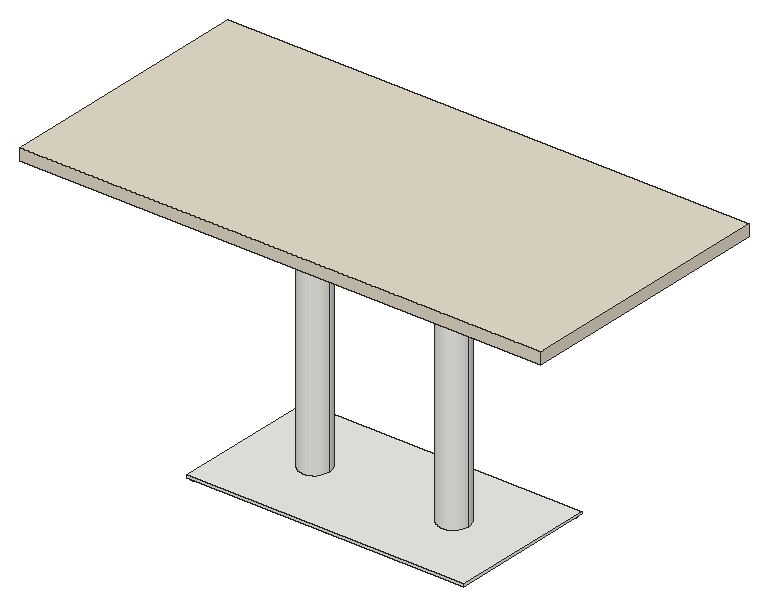
Revit family "FU_Table_Sandler_591T-MT", category Furniture, Revit 2020
Family settings
  OmniClass Number = 23.40.20.00
  OmniClass Title = General Furniture and Specialties
  Work Plane-Based = No
  Always vertical = Yes
  Cut with Voids When Loaded = No
  Shared = No
  Room Calculation Point = No
Parameters (values of type "591T-MT - 28x55" Top")
  Width = 747 mm
  URL = "https://www.sandlerseating.com/product/591t-mt/"
  Top Type = FU_TableTops_591 MT : 28x55" Top (70x140cm)
  Top Finish [instance] = Wood - Beech - Grey Stained
  Top Elevation = Height  # 720 mm
  Model = "591T-MT"
  Manufacturer = "Sandler"
  Height = 720 mm
  Frame Finish [instance] = Metal - Paint -AL VR - Pure White
  Description = "Table base. Available in powdercoat and painted finishes.\r\nOptional upcharge for outdoor version with galvanized-treated frame and adjustable feet."
  Depth = 397 mm
  Default Elevation = 0 mm
Types (6, lengths in mm): name | Top Type | Top Finish | Frame Finish
  591T-MT - 28x48" Top | FU_TableTops_591 MT : 28x48" Top (70x120cm) | Wood - Beech - Honey Stained | Metal - Paint -AL VR - White Aluminium
  591T-MT - 28x52" Top | FU_TableTops_591 MT : 28x52" Top (70x130cm) | Wood - Beech - Grey Stained | Metal - Paint -AL VR - Pure White
  591T-MT - 32x48" Top | FU_TableTops_591 MT : 32x48" Top (80x120cm) | Wood - Beech - Dark Brown Stained | Metal - Paint - VR Pewter
  591T-MT - 32x52" Top | FU_TableTops_591 MT : 32x52" Top (80x130cm) | Wood - Beech - Chestnut Stained | Metal - Paint -AL VR - Anthracite Grey
  591T-MT - 32x55" Top | FU_TableTops_591 MT : 32x55" Top (80x140cm) | Wood - Beech - Honey Stained | Metal - Paint - AL VR - Ruby Red
  591T-MT - 28x55" Top | FU_TableTops_591 MT : 28x55" Top (70x140cm) | Wood - Beech - Grey Stained | Metal - Paint -AL VR - Pure White
Reference planes
  plane 1 "Center (Front/Back)": y = 0
  plane 2: z = 0
  plane 3 "Center (Left/Right)": x = 0
  plane 4 "Right": x = -373.5
  plane 5 "Left": x = 373.5
  plane 6 "Back": y = 198.5
  plane 7 "Front": y = -198.5
  plane 8 "Height": z = 720
  plane 9 "Glide height": z = 4
  plane 10 "LG H": y = 185.83
  plane 11: x = -187.5
  plane 12: x = 187.5
  plane 13: z = 700
Forms (mm)
  Extrusion 1, solid, material "Metal - Paint -AL VR - Pure White" <- "Frame Finish"
    sketch origin (0, 0, 4) x (-1, 0, 0) y (0, -1, 0)
      loop
        line (373.5, -198.5) -> (373.5, 198.5) -> (-373.5, 198.5) -> (-373.5, -198.5) -> (373.5, -198.5)
    from 0 to 6
  Revolve 2, solid, material "Rubber, Black"
    sketch origin (0, 185.83, 0) x (-1, 0, 0) y (0, 0, 1)
      loop
        line (370.83, 4) -> (360.83, 4) -> (360.83, 0) -> (368.83, 0)
        arc (368.83, 0) -> (370.244, 0.586) -> (370.83, 2) r 2
        line (370.83, 2) -> (370.83, 4)
      axis (360.83, 4) -> (360.83, 0)
    angle from 0 to 360
  Revolve 3, solid, material "Rubber, Black"
    sketch origin (0, 185.83, 0) x (1, 0, 0) y (0, 0, 1)
      loop
        line (370.83, 4) -> (360.83, 4) -> (360.83, 0) -> (368.83, 0)
        arc (368.83, 0) -> (370.244, 0.586) -> (370.83, 2) r 2
        line (370.83, 2) -> (370.83, 4)
      axis (360.83, 4) -> (360.83, 0)
    angle from 0 to 360
  Revolve 4, solid, material "Rubber, Black"
    sketch origin (0, -185.83, 0) x (-1, 0, 0) y (0, 0, -1)
      loop
        line (370.83, -4) -> (370.83, -2)
        arc (370.83, -2) -> (370.244, -0.586) -> (368.83, 0) r 2
        line (368.83, 0) -> (360.83, 0) -> (360.83, -4) -> (370.83, -4)
      axis (360.83, -4) -> (360.83, 0)
    angle from 0 to 360
  Revolve 5, solid, material "Rubber, Black"
    sketch origin (0, -185.83, 0) x (1, 0, 0) y (0, 0, 1)
      loop
        line (370.83, 4) -> (360.83, 4) -> (360.83, 0) -> (368.83, 0)
        arc (368.83, 0) -> (370.244, 0.586) -> (370.83, 2) r 2
        line (370.83, 2) -> (370.83, 4)
      axis (360.83, 4) -> (360.83, 0)
    angle from 0 to 360
  Revolve 6, solid, material "Rubber, Black"
    sketch origin (-360.83, 185.83, 0) x (1, 0, 0) y (0, 0, 1)
      loop
        line (370.83, 4) -> (360.83, 4) -> (360.83, 0) -> (368.83, 0)
        arc (368.83, 0) -> (370.244, 0.586) -> (370.83, 2) r 2
        line (370.83, 2) -> (370.83, 4)
      axis (360.83, 4) -> (360.83, 0)
    angle from 0 to 360
  Revolve 7, solid, material "Rubber, Black"
    sketch origin (-360.83, -185.83, 0) x (1, 0, 0) y (0, 0, 1)
      loop
        line (370.83, 4) -> (360.83, 4) -> (360.83, 0) -> (368.83, 0)
        arc (368.83, 0) -> (370.244, 0.586) -> (370.83, 2) r 2
        line (370.83, 2) -> (370.83, 4)
      axis (360.83, 4) -> (360.83, 0)
    angle from 0 to 360
  Extrusion 8, solid, material "Metal - Paint -AL VR - Pure White" <- "Frame Finish"
    sketch origin (0, 0, 4) x (-1, 0, 0) y (0, -1, 0)
      loop
        circle (187.5, 0) r 40
      loop
        circle (187.5, 0) r 38
    from 6 to 696
  Extrusion 9, solid, material "Metal - Paint -AL VR - Pure White" <- "Frame Finish"
    sketch origin (0, 0, 4) x (1, 0, 0) y (0, 1, 0)
      loop
        circle (187.5, 0) r 40
      loop
        circle (187.5, 0) r 38
    from 6 to 696
  Extrusion 10, solid, material "Metal - Paint -AL VR - Pure White" <- "Frame Finish"
    sketch origin (0, 0, 720) x (-1, 0, 0) y (0, -1, 0)
      loop
        line (235.5, 44.024) -> (307.236, 115.76)
        arc (307.236, 115.76) -> (304.418, 118.6) -> (301.532, 121.37) r 166.741
        line (301.532, 121.37) -> (227.879, 47.718) -> (147.12, 47.718) -> (73.468, 121.37)
        arc (73.468, 121.37) -> (70.582, 118.6) -> (67.764, 115.76) r 166.741
        line (67.764, 115.76) -> (139.5, 44.024) -> (139.5, -44.024) -> (67.486, -116.038)
        arc (67.486, -116.038) -> (70.298, -118.884) -> (73.177, -121.661) r 166.741
        line (73.177, -121.661) -> (146.556, -48.282) -> (228.444, -48.282) -> (301.823, -121.661)
        arc (301.823, -121.661) -> (304.702, -118.884) -> (307.514, -116.038) r 166.741
        line (307.514, -116.038) -> (235.5, -44.024) -> (235.5, 44.024)
    from -5.84 to -20
  Extrusion 11, solid, material "Metal - Paint -AL VR - Pure White" <- "Frame Finish"
    sketch origin (0, 0, 720) x (-1, 0, 0) y (0, -1, 0)
      loop
        arc (235.5, 9.198) -> (237.694, 20.46) -> (243.955, 30.074) r 30
        line (243.955, 30.074) -> (342.527, 131.809)
        arc (342.527, 131.809) -> (344.782, 137.439) -> (342.439, 143.033) r 8
        line (342.439, 143.033) -> (329.622, 155.85)
        arc (329.622, 155.85) -> (323.965, 158.193) -> (318.308, 155.85) r 8
        line (318.308, 155.85) -> (219.527, 57.069)
        arc (219.527, 57.069) -> (209.794, 50.566) -> (198.314, 48.282) r 30
        line (198.314, 48.282) -> (176.686, 48.282)
        arc (176.686, 48.282) -> (165.206, 50.566) -> (155.473, 57.069) r 30
        line (155.473, 57.069) -> (56.692, 155.85)
        arc (56.692, 155.85) -> (51.035, 158.193) -> (45.378, 155.85) r 8
        line (45.378, 155.85) -> (32.561, 143.033)
        arc (32.561, 143.033) -> (30.218, 137.439) -> (32.473, 131.809) r 8
        line (32.473, 131.809) -> (131.045, 30.074)
        arc (131.045, 30.074) -> (137.306, 20.46) -> (139.5, 9.198) r 30
        line (139.5, 9.198) -> (139.5, -9.198)
        arc (139.5, -9.198) -> (137.306, -20.46) -> (131.045, -30.074) r 30
        line (131.045, -30.074) -> (32.473, -131.809)
        arc (32.473, -131.809) -> (30.218, -137.439) -> (32.561, -143.033) r 8
        line (32.561, -143.033) -> (45.378, -155.85)
        arc (45.378, -155.85) -> (51.035, -158.193) -> (56.692, -155.85) r 8
        line (56.692, -155.85) -> (155.473, -57.069)
        arc (155.473, -57.069) -> (165.206, -50.566) -> (176.686, -48.282) r 30
        line (176.686, -48.282) -> (198.314, -48.282)
        arc (198.314, -48.282) -> (209.794, -50.566) -> (219.527, -57.069) r 30
        line (219.527, -57.069) -> (318.308, -155.85)
        arc (318.308, -155.85) -> (323.965, -158.193) -> (329.622, -155.85) r 8
        line (329.622, -155.85) -> (342.439, -143.033)
        arc (342.439, -143.033) -> (344.782, -137.439) -> (342.527, -131.809) r 8
        line (342.527, -131.809) -> (243.955, -30.074)
        arc (243.955, -30.074) -> (237.694, -20.46) -> (235.5, -9.198) r 30
        line (235.5, -9.198) -> (235.5, 9.198)
      loop
        line (53.101, -141.055) -> (62.998, -131.158)
        arc (62.998, -131.158) -> (62.998, -125.502) -> (57.342, -125.502) r 3.999
        line (57.342, -125.502) -> (47.445, -135.399)
        arc (47.445, -135.399) -> (47.5, -141.001) -> (53.101, -141.055) r 4
      loop
        arc (321.899, -141.055) -> (327.5, -141.001) -> (327.555, -135.399) r 4
        line (327.555, -135.399) -> (317.658, -125.502)
        arc (317.658, -125.502) -> (312.002, -125.502) -> (312.002, -131.158) r 3.999
        line (312.002, -131.158) -> (321.899, -141.055)
      loop
        arc (53.101, 141.055) -> (47.5, 141.001) -> (47.445, 135.399) r 4
        line (47.445, 135.399) -> (57.342, 125.502)
        arc (57.342, 125.502) -> (62.998, 125.502) -> (62.998, 131.158) r 3.999
        line (62.998, 131.158) -> (53.101, 141.055)
      loop
        line (321.899, 141.055) -> (312.002, 131.158)
        arc (312.002, 131.158) -> (312.002, 125.502) -> (317.658, 125.502) r 3.999
        line (317.658, 125.502) -> (327.555, 135.399)
        arc (327.555, 135.399) -> (327.5, 141.001) -> (321.899, 141.055) r 4
      loop
        circle (187.5, 0) r 7.5
    from -9.84 to 0
  Extrusion 12, solid, material "Metal - Paint -AL VR - Pure White" <- "Frame Finish"
    sketch origin (0, 0, 720) x (1, 0, 0) y (0, 1, 0)
      loop
        line (235.5, -44.024) -> (235.5, 44.024) -> (307.514, 116.038)
        arc (307.514, 116.038) -> (304.702, 118.884) -> (301.823, 121.661) r 166.741
        line (301.823, 121.661) -> (228.444, 48.282) -> (146.556, 48.282) -> (73.177, 121.661)
        arc (73.177, 121.661) -> (70.298, 118.884) -> (67.486, 116.038) r 166.741
        line (67.486, 116.038) -> (139.5, 44.024) -> (139.5, -44.024) -> (67.764, -115.76)
        arc (67.764, -115.76) -> (70.582, -118.6) -> (73.468, -121.37) r 166.741
        line (73.468, -121.37) -> (147.12, -47.718) -> (227.879, -47.718) -> (301.532, -121.37)
        arc (301.532, -121.37) -> (304.418, -118.6) -> (307.236, -115.76) r 166.741
        line (307.236, -115.76) -> (235.5, -44.024)
    from -5.84 to -20
  Extrusion 13, solid, material "Metal - Paint -AL VR - Pure White" <- "Frame Finish"
    sketch origin (0, 0, 720) x (1, 0, 0) y (0, 1, 0)
      loop
        line (235.5, -9.198) -> (235.5, 9.198)
        arc (235.5, 9.198) -> (237.694, 20.46) -> (243.955, 30.074) r 30
        line (243.955, 30.074) -> (342.527, 131.809)
        arc (342.527, 131.809) -> (344.782, 137.439) -> (342.439, 143.033) r 8
        line (342.439, 143.033) -> (329.622, 155.85)
        arc (329.622, 155.85) -> (323.965, 158.193) -> (318.308, 155.85) r 8
        line (318.308, 155.85) -> (219.527, 57.069)
        arc (219.527, 57.069) -> (209.794, 50.566) -> (198.314, 48.282) r 30
        line (198.314, 48.282) -> (176.686, 48.282)
        arc (176.686, 48.282) -> (165.206, 50.566) -> (155.473, 57.069) r 30
        line (155.473, 57.069) -> (56.692, 155.85)
        arc (56.692, 155.85) -> (51.035, 158.193) -> (45.378, 155.85) r 8
        line (45.378, 155.85) -> (32.561, 143.033)
        arc (32.561, 143.033) -> (30.218, 137.439) -> (32.473, 131.809) r 8
        line (32.473, 131.809) -> (131.045, 30.074)
        arc (131.045, 30.074) -> (137.306, 20.46) -> (139.5, 9.198) r 30
        line (139.5, 9.198) -> (139.5, -9.198)
        arc (139.5, -9.198) -> (137.306, -20.46) -> (131.045, -30.074) r 30
        line (131.045, -30.074) -> (32.473, -131.809)
        arc (32.473, -131.809) -> (30.218, -137.439) -> (32.561, -143.033) r 8
        line (32.561, -143.033) -> (45.378, -155.85)
        arc (45.378, -155.85) -> (51.035, -158.193) -> (56.692, -155.85) r 8
        line (56.692, -155.85) -> (155.473, -57.069)
        arc (155.473, -57.069) -> (165.206, -50.566) -> (176.686, -48.282) r 30
        line (176.686, -48.282) -> (198.314, -48.282)
        arc (198.314, -48.282) -> (209.794, -50.566) -> (219.527, -57.069) r 30
        line (219.527, -57.069) -> (318.308, -155.85)
        arc (318.308, -155.85) -> (323.965, -158.193) -> (329.622, -155.85) r 8
        line (329.622, -155.85) -> (342.439, -143.033)
        arc (342.439, -143.033) -> (344.782, -137.439) -> (342.527, -131.809) r 8
        line (342.527, -131.809) -> (243.955, -30.074)
        arc (243.955, -30.074) -> (237.694, -20.46) -> (235.5, -9.198) r 30
      loop
        arc (53.101, 141.055) -> (47.5, 141.001) -> (47.445, 135.399) r 4
        line (47.445, 135.399) -> (57.342, 125.502)
        arc (57.342, 125.502) -> (62.998, 125.502) -> (62.998, 131.158) r 3.999
        line (62.998, 131.158) -> (53.101, 141.055)
      loop
        line (321.899, 141.055) -> (312.002, 131.158)
        arc (312.002, 131.158) -> (312.002, 125.502) -> (317.658, 125.502) r 3.999
        line (317.658, 125.502) -> (327.555, 135.399)
        arc (327.555, 135.399) -> (327.5, 141.001) -> (321.899, 141.055) r 4
      loop
        line (53.101, -141.055) -> (62.998, -131.158)
        arc (62.998, -131.158) -> (62.998, -125.502) -> (57.342, -125.502) r 3.999
        line (57.342, -125.502) -> (47.445, -135.399)
        arc (47.445, -135.399) -> (47.5, -141.001) -> (53.101, -141.055) r 4
      loop
        arc (321.899, -141.055) -> (327.5, -141.001) -> (327.555, -135.399) r 4
        line (327.555, -135.399) -> (317.658, -125.502)
        arc (317.658, -125.502) -> (312.002, -125.502) -> (312.002, -131.158) r 3.999
        line (312.002, -131.158) -> (321.899, -141.055)
      loop
        circle (187.5, 0) r 7.5
    from -9.84 to 0
Cuts and joins
  joined: Extrusion 1, Extrusion 8, Extrusion 9, Extrusion 10, Extrusion 11, Extrusion 12, Extrusion 13
Dimensions and locks
  equal spacing: plane 4 "Right", plane 3 "Center (Left/Right)", plane 5 "Left"
  "Width": plane 4 "Right" to plane 5 "Left"
  equal spacing: plane 6 "Back", plane 1 "Center (Front/Back)", plane 7 "Front"
  "Depth": plane 6 "Back" to plane 7 "Front"
  "Height": plane 8 "Height" to level
  plane 9 "Glide height" to level = 4 mm
  locked: plane 8 "Height" to plane 13 at 20
  aligned and locked: level to plane 2
  aligned and locked: plane 13 to cut or joined group of Extrusion 1, Extrusion 8, Extrusion 9, Extrusion 10, Extrusion 11, Extrusion 12, Extrusion 13  (x2)
Automatic sketch dimensions
  Extrusion 1 sketch curve to plane 5 "Left" = 0 mm
  Extrusion 1 sketch curve to plane 4 "Right" = 0 mm
  Extrusion 1 sketch curve to plane 6 "Back" = 0 mm
  Extrusion 1 sketch curve to plane 7 "Front" = 0 mm
  Revolve 2 sketch curve to plane 9 "Glide height" = 0 mm  (x2)
  Revolve 2 sketch curve to level = 0 mm
  level to Revolve 2 sketch curve = 2 mm
  Revolve 2 sketch curve to plane 4 "Right" = 4.67 mm
  Revolve 2 sketch curve to level = 1.303 mm
  Revolve 3 sketch curve to plane 9 "Glide height" = 0 mm  (x2)
  Revolve 3 sketch curve to level = 0 mm
  Revolve 3 sketch curve to plane 5 "Left" = 12.67 mm
  Revolve 3 sketch curve to level = 2 mm
  Revolve 3 sketch curve to plane 5 "Left" = 4.67 mm
  Revolve 3 sketch curve to Revolve 3 sketch curve = 0 mm
  Revolve 3 sketch curve to Revolve 3 sketch curve = 1.303 mm
  Revolve 4 sketch curve to plane 9 "Glide height" = 0 mm  (x2)
  Revolve 4 sketch curve to level = 0 mm
  level to Revolve 4 sketch curve = 2 mm
  Revolve 4 sketch curve to plane 4 "Right" = 4.67 mm
  Revolve 4 sketch curve to level = 1.303 mm
  Revolve 5 sketch curve to plane 9 "Glide height" = 0 mm  (x2)
  Revolve 5 sketch curve to level = 0 mm
  plane 5 "Left" to Revolve 5 sketch curve = 12.67 mm
  level to Revolve 5 sketch curve = 2 mm
  plane 5 "Left" to Revolve 5 sketch curve = 4.67 mm
  Revolve 5 sketch curve to Revolve 5 sketch curve = 0 mm
  Revolve 5 sketch curve to Revolve 5 sketch curve = 1.303 mm
  Revolve 6 sketch curve to plane 9 "Glide height" = 0 mm  (x2)
  Revolve 6 sketch curve to level = 0 mm
  plane 3 "Center (Left/Right)" to Revolve 6 sketch curve = 0 mm
  Revolve 6 sketch curve to level = 2 mm
  Revolve 6 sketch curve to plane 3 "Center (Left/Right)" = 8 mm
  Revolve 6 sketch curve to Revolve 6 sketch curve = 0 mm
  Revolve 6 sketch curve to Revolve 6 sketch curve = 1.303 mm
  Revolve 7 sketch curve to plane 9 "Glide height" = 0 mm  (x2)
  Revolve 7 sketch curve to level = 0 mm
  Revolve 7 sketch curve to plane 3 "Center (Left/Right)" = 0 mm
  level to Revolve 7 sketch curve = 2 mm
  plane 3 "Center (Left/Right)" to Revolve 7 sketch curve = 8 mm
  Revolve 7 sketch curve to Revolve 7 sketch curve = 0 mm
  Revolve 7 sketch curve to Revolve 7 sketch curve = 1.303 mm
  Extrusion 10 sketch curve to Extrusion 10 sketch curve = 0 mm  (x12)
  Extrusion 10 sketch curve to plane 11 = 0 mm
  Extrusion 10 sketch curve to plane 11 = 40.38 mm
  Extrusion 10 sketch curve to plane 11 = 40.944 mm
  Extrusion 10 sketch curve to Extrusion 10 sketch curve = 7.056 mm  (x2)
  Extrusion 10 sketch curve to plane 3 "Center (Left/Right)" = 73.468 mm
  Extrusion 10 sketch curve to plane 3 "Center (Left/Right)" = 73.177 mm
  Extrusion 10 sketch curve to Extrusion 10 sketch curve = 5.704 mm  (x2)
  Extrusion 10 sketch curve to Extrusion 10 sketch curve = 5.691 mm  (x2)
  plane 11 to Extrusion 10 sketch curve = 40.38 mm
  plane 11 to Extrusion 10 sketch curve = 40.944 mm
  Extrusion 10 sketch curve to plane 10 "LG H" = 64.169 mm  (x2)
  Extrusion 10 sketch curve to Extrusion 10 sketch curve = 5.623 mm
  Extrusion 10 sketch curve to plane 1 "Center (Front/Back)" = 48.282 mm
  Extrusion 10 sketch curve to Extrusion 10 sketch curve = 4.258 mm  (x2)
  plane 1 "Center (Front/Back)" to Extrusion 10 sketch curve = 44.024 mm  (x2)
  Extrusion 10 sketch curve to Extrusion 10 sketch curve = 3.693 mm
  plane 7 "Front" to Extrusion 10 sketch curve = 82.74 mm  (x2)
  plane 1 "Center (Front/Back)" to Extrusion 11 sketch curve = 0 mm
  Extrusion 11 sketch curve to plane 11 = 0 mm
  Extrusion 11 sketch curve to plane 11 = 10.814 mm  (x2)
  Extrusion 11 sketch curve to Extrusion 11 sketch curve = 21.213 mm  (x5)
  plane 1 "Center (Front/Back)" to Extrusion 11 sketch curve = 9.198 mm  (x2)
  Extrusion 11 sketch curve to plane 11 = 48 mm
  Extrusion 11 sketch curve to plane 1 "Center (Front/Back)" = 30.074 mm  (x2)
  Extrusion 11 sketch curve to Extrusion 11 sketch curve = 8.455 mm  (x4)
  plane 1 "Center (Front/Back)" to Extrusion 11 sketch curve = 30.074 mm  (x2)
  Extrusion 11 sketch curve to plane 1 "Center (Front/Back)" = 9.198 mm  (x2)
  Extrusion 11 sketch curve to plane 3 "Center (Left/Right)" = 62.998 mm  (x2)
  Extrusion 11 sketch curve to Extrusion 11 sketch curve = 2.828 mm  (x12)
  Extrusion 11 sketch curve to Extrusion 11 sketch curve = 6.306 mm  (x4)
  Extrusion 11 sketch curve to Extrusion 11 sketch curve = 9.897 mm  (x8)
  Extrusion 11 sketch curve to Extrusion 11 sketch curve = 5.657 mm  (x18)
  Extrusion 11 sketch curve to Extrusion 11 sketch curve = 2.773 mm  (x6)
  Extrusion 11 sketch curve to Extrusion 11 sketch curve = 2.883 mm  (x6)
  Extrusion 11 sketch curve to plane 10 "LG H" = 29.98 mm  (x2)
  Extrusion 11 sketch curve to Extrusion 11 sketch curve = 9.227 mm  (x4)
  Extrusion 11 sketch curve to Extrusion 11 sketch curve = 5.745 mm  (x4)
  plane 11 to Extrusion 11 sketch curve = 10.814 mm  (x2)
  plane 11 to Extrusion 11 sketch curve = 48 mm
  Extrusion 11 sketch curve to Extrusion 11 sketch curve = 12.817 mm  (x2)
  Extrusion 11 sketch curve to Extrusion 11 sketch curve = 9.138 mm  (x4)
  Extrusion 11 sketch curve to Extrusion 11 sketch curve = 48.208 mm
  Extrusion 11 sketch curve to Extrusion 11 sketch curve = 0 mm
  plane 1 "Center (Front/Back)" to Extrusion 11 sketch curve = 48.282 mm
  Extrusion 11 sketch curve to Extrusion 11 sketch curve = 8.787 mm  (x2)
  plane 7 "Front" to Extrusion 11 sketch curve = 72.998 mm  (x2)
  Extrusion 11 sketch curve to Extrusion 11 sketch curve = 6.307 mm  (x2)
  Extrusion 11 sketch curve to Extrusion 11 sketch curve = 5.567 mm  (x2)
  Extrusion 12 sketch curve to Extrusion 12 sketch curve = 0 mm  (x12)
  Extrusion 12 sketch curve to plane 3 "Center (Left/Right)" = 67.486 mm
  Extrusion 12 sketch curve to plane 3 "Center (Left/Right)" = 67.764 mm
  Extrusion 12 sketch curve to Extrusion 12 sketch curve = 5.691 mm  (x2)
  Extrusion 12 sketch curve to Extrusion 12 sketch curve = 5.704 mm  (x2)
  plane 1 "Center (Front/Back)" to Extrusion 12 sketch curve = 44.024 mm  (x2)
  Extrusion 12 sketch curve to Extrusion 12 sketch curve = 72.014 mm
  plane 1 "Center (Front/Back)" to Extrusion 12 sketch curve = 48.282 mm
  Extrusion 12 sketch curve to Extrusion 12 sketch curve = 7.056 mm  (x2)
  Extrusion 12 sketch curve to plane 1 "Center (Front/Back)" = 47.718 mm
  Extrusion 12 sketch curve to Extrusion 12 sketch curve = 7.62 mm
  plane 1 "Center (Front/Back)" to Extrusion 12 sketch curve = 0.282 mm
  Extrusion 12 sketch curve to Extrusion 12 sketch curve = 40.38 mm  (x2)
  Extrusion 12 sketch curve to Extrusion 12 sketch curve = 40.944 mm
  Extrusion 12 sketch curve to plane 5 "Left" = 71.968 mm
  Extrusion 12 sketch curve to plane 5 "Left" = 71.677 mm
  plane 10 "LG H" to Extrusion 12 sketch curve = 69.792 mm  (x2)
  Extrusion 12 sketch curve to Extrusion 12 sketch curve = 3.693 mm  (x2)
  Extrusion 12 sketch curve to plane 7 "Front" = 82.74 mm  (x2)
  plane 1 "Center (Front/Back)" to Extrusion 13 sketch curve = 0 mm
  Extrusion 13 sketch curve to plane 3 "Center (Left/Right)" = 32.473 mm  (x2)
  Extrusion 13 sketch curve to Extrusion 13 sketch curve = 0.089 mm  (x2)
  Extrusion 13 sketch curve to Extrusion 13 sketch curve = 5.745 mm  (x4)
  Extrusion 13 sketch curve to Extrusion 13 sketch curve = 12.817 mm  (x4)
  Extrusion 13 sketch curve to Extrusion 13 sketch curve = 9.227 mm  (x4)
  Extrusion 13 sketch curve to Extrusion 13 sketch curve = 2.883 mm  (x6)
  Extrusion 13 sketch curve to Extrusion 13 sketch curve = 5.657 mm  (x16)
  Extrusion 13 sketch curve to Extrusion 13 sketch curve = 2.773 mm  (x6)
  plane 10 "LG H" to Extrusion 13 sketch curve = 29.98 mm  (x2)
  Extrusion 13 sketch curve to Extrusion 13 sketch curve = 9.897 mm  (x8)
  Extrusion 13 sketch curve to Extrusion 13 sketch curve = 2.828 mm  (x12)
  plane 1 "Center (Front/Back)" to Extrusion 13 sketch curve = 9.198 mm  (x2)
  Extrusion 13 sketch curve to plane 3 "Center (Left/Right)" = 109.5 mm
  Extrusion 13 sketch curve to Extrusion 13 sketch curve = 0 mm
  Extrusion 13 sketch curve to plane 1 "Center (Front/Back)" = 30.074 mm  (x2)
  Extrusion 13 sketch curve to Extrusion 13 sketch curve = 21.545 mm  (x2)
  plane 1 "Center (Front/Back)" to Extrusion 13 sketch curve = 30.074 mm  (x2)
  Extrusion 13 sketch curve to plane 1 "Center (Front/Back)" = 57.069 mm  (x2)
  Extrusion 13 sketch curve to Extrusion 13 sketch curve = 24.427 mm  (x2)
  plane 1 "Center (Front/Back)" to Extrusion 13 sketch curve = 57.069 mm  (x2)
  Extrusion 13 sketch curve to Extrusion 13 sketch curve = 21.213 mm  (x5)
  Extrusion 13 sketch curve to Extrusion 13 sketch curve = 48 mm  (x2)
  Extrusion 13 sketch curve to Extrusion 13 sketch curve = 21.628 mm  (x2)
  Extrusion 13 sketch curve to plane 1 "Center (Front/Back)" = 9.198 mm
  Extrusion 13 sketch curve to Extrusion 13 sketch curve = 8.455 mm  (x2)
  Extrusion 13 sketch curve to plane 5 "Left" = 61.498 mm  (x2)
  Extrusion 13 sketch curve to Extrusion 13 sketch curve = 6.306 mm  (x2)
  Extrusion 13 sketch curve to Extrusion 13 sketch curve = 9.138 mm  (x4)
  Extrusion 13 sketch curve to Extrusion 13 sketch curve = 8.787 mm
  Extrusion 13 sketch curve to plane 7 "Front" = 72.998 mm  (x2)
  Extrusion 13 sketch curve to Extrusion 13 sketch curve = 6.307 mm  (x2)
  Extrusion 13 sketch curve to Extrusion 13 sketch curve = 5.567 mm  (x2)
  Extrusion 8 sketch curve to Extrusion 8 sketch curve = 0 mm  (x2)
  plane 1 "Center (Front/Back)" to Extrusion 8 sketch curve = 0 mm
  Extrusion 8 sketch curve to plane 11 = 0 mm
  Extrusion 9 sketch curve to Extrusion 9 sketch curve = 0 mm  (x2)
  plane 1 "Center (Front/Back)" to Extrusion 9 sketch curve = 0 mm
  Extrusion 9 sketch curve to plane 12 = 0 mm
  Revolve 2 sketch curve to Revolve 2 sketch curve = 8 mm
  Revolve 2 sketch curve to Revolve 2 sketch curve = 0 mm
  Revolve 4 sketch curve to Revolve 4 sketch curve = 8 mm
  Revolve 4 sketch curve to Revolve 4 sketch curve = 0 mm
  Extrusion 10 sketch curve to plane 4 "Right" = 71.968 mm
  Extrusion 10 sketch curve to plane 4 "Right" = 71.677 mm
  Extrusion 11 sketch curve to plane 4 "Right" = 61.498 mm  (x2)
  radius of Extrusion 11 sketch curve = 7.5 mm
  radius of Extrusion 13 sketch curve = 7.5 mm
  radius of Extrusion 8 sketch curve = 40 mm
  radius of Extrusion 8 sketch curve = 38 mm
  radius of Extrusion 9 sketch curve = 40 mm
  radius of Extrusion 9 sketch curve = 38 mm
Nested families
  nested 1: "FU_TableTops_591 MT" at (0, 0, 0), Top Finish <- "Top Finish", type <- "Top Type", Top Elevation <- "Top Elevation", type "28x55" Top (70x140cm)"
    with Top Finish Wood - Beech - Grey Stained, Top Elevation 720 mm
Definition of nested family "FU_TableTops_591 MT"
  Parameters (values of type "32x55" Top (80x140cm)")
    Width = 1400 mm
    Top Finish [instance] = none
    Top Elevation [instance] = 1100 mm
    Depth = 800 mm
    Default Elevation = 0 mm
  Types (6, lengths in mm): name | Width | Depth
    28x48" Top (70x120cm) | 1200 | 700
    28x52" Top (70x130cm) | 1300 | 700
    32x48" Top (80x120cm) | 1200 | 800
    32x52" Top (80x130cm) | 1300 | 800
    28x55" Top (70x140cm) | 1400 | 700
    32x55" Top (80x140cm) | 1400 | 800
  Reference planes
    plane 1 "Center (Front/Back)": y = 0
    plane 2: z = 0
    plane 3 "Center (Left/Right)": x = 0
    plane 4 "Right": x = -700
    plane 5 "Left": x = 700
    plane 6 "Back": y = 400
    plane 7 "Front": y = -400
    plane 8 "Elevation": z = 1100
    plane 9 "Top Height": z = 1131.75
  Forms (mm)
    Extrusion 1, solid, material <- "Top Finish"
      sketch origin (0, 0, 1100) x (-1, 0, 0) y (0, -1, 0)
        loop
          line (700, -400) -> (700, 400) -> (-700, 400) -> (-700, -400) -> (700, -400)
      from 0 to 31.75
  Dimensions and locks
    equal spacing: plane 4 "Right", plane 3 "Center (Left/Right)", plane 5 "Left"
    "Width": plane 4 "Right" to plane 5 "Left"
    equal spacing: plane 6 "Back", plane 1 "Center (Front/Back)", plane 7 "Front"
    "Depth": plane 6 "Back" to plane 7 "Front"
    "Top Elevation": plane 8 "Elevation" to level
    locked: plane 9 "Top Height" to plane 8 "Elevation" at 31.75
    aligned and locked: level to plane 2
    aligned and locked: Extrusion 1 sketch curve to plane 6 "Back"
    aligned and locked: Extrusion 1 sketch curve to plane 4 "Right"
    aligned and locked: plane 7 "Front" to Extrusion 1 sketch curve
    aligned and locked: plane 5 "Left" to Extrusion 1 sketch curve
    aligned and locked: Extrusion 1 to plane 8 "Elevation"
    aligned and locked: plane 8 "Elevation" to Extrusion 1  (x2)
    aligned and locked: plane 9 "Top Height" to Extrusion 1
    aligned and locked: Extrusion 1 to plane 9 "Top Height"
